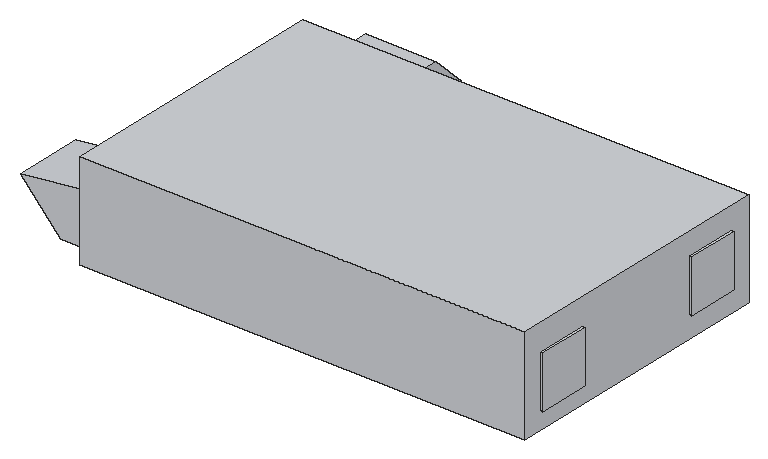
Revit family "Multi N DV1500N.", category Generic Models, Revit 2013
Parameters
  Width mm = 2560 mm
  Warranty = "1 Year"
  Voltage Supply      Single Phase = "230v ac"
  Versatile positioning ,floor and ceiling susupended options = "Automatic 100%"
  Summer/Winter by-pass = "Automatic 100%"
  Summer By-pass = "Automatic 100%"
  Safety cut off switch Pressure sensors for filter monitoring = "Yes"
  Roof Top model = "Yes"
  Pre Heater = "option"
  Part number = "9041533"
  Model = "9041533"
  Meets Building regulations Pat L2A and L2B = "Yes"
  Max Air Volume  m3/hr = "2500"
  Lockable doors = "Yes"
  Interchangeable spigot connections = "Yes"
  Insulated Base Frame = "Yes"
  Humidity control (optional) = "Yes"
  Height mm = 555 mm
  Heat Recovery = "<95%"
  Heat Exchanger = "Cross Counterflow"
  Frequency = "50Hz"
  Filter maintenance reminder = "Yes"
  Electronic control panel with LCD display = "Yes"
  EC motor for fine speed control and low SFP = "Yes"
  Duct Connections = "4x300x300mm"
  Double skinned insulated casing avoids thermal bridging = "Yes"
  Depth mm = 2500 mm
  Control Standard = "BMS/Internet"
  Control Optional .. = "Temperature"
  Control Optional . = "Co2"
  Control Optional = "Humidity"
  Carbon dioxide control (optional) = "Yes"
  Balanced supply and extract air ventilation with heat recovery = "Yes"
  BREEAM applicable = "Yes"
  Anti frost protection = "option"
  Air Filters = "M5 and F16"
  After Heater = "option"
  10 speed digital control and BMS and Internet control = "Yes"
Reference planes
  plane 1 "Center (Front/Back)": y = 0
  plane 2: z = 0
  plane 3 "Center (Left/Right)": x = 0
  plane 4: z = -85.437
  plane 5: y = -802.5
  plane 6: z = 469.562
  plane 7: x = -1280
  plane 8: x = 1280
  plane 9: y = 802.5
  plane 10: y = -697.5
  plane 11: y = -397.5
  plane 12: y = 672.5
  plane 13: y = 372.5
  plane 14: y = -547.5
  plane 15: y = 522.5
  plane 16: x = -1665
  plane 17: y = -745
  plane 18: y = -345
  plane 19: y = -578
  plane 20: z = 169.563
  plane 21: z = 345
  plane 22: y = -522.5
  plane 23: y = -287.5
  plane 24: z = -30.437
  plane 25: z = 269.563
  plane 26: through (-1280, -1524, 269.563) normal (0.1161, 0, -0.9932)
  plane 27: x = -1434
  plane 28: through (-1665, -1524, 224.563) normal (0.7411, 0, 0.6714)
  plane 29: y = 982.5
  plane 30: z = 396.563
  plane 31: y = 1162.5
  plane 32: y = -345
  plane 33: y = -745
  plane 34: x = -1060
  plane 35: x = -660
  plane 36: z = 21.562
  plane 37: z = 216.563
  plane 38: through (0, 1162.5, 216.563) normal (0, 0.7071, 0.7071)
  plane 39: x = -906
Forms (mm)
  Extrusion 1, solid
    sketch origin (0, 0, 0) x (1, 0, 0) y (0, 1, 0)
      loop
        line (-1280, 802.5) -> (-1280, -800) -> (1280, -800) -> (1280, 802.5) -> (-1280, 802.5)
    from 469.563 to -85.437
  Extrusion 2, solid
    sketch origin (1280, 661.767, 15.024) x (0, -1, 0) y (0, 0, -1)
      loop
        line (289.267, -329.976) -> (289.267, -29.976) -> (-10.733, -29.976) -> (-10.733, -329.976) -> (289.267, -329.976)
    from 0 to 20
  Extrusion 3, solid
    sketch origin (1280, -408.233, -9.976) x (0, -1, 0) y (0, 0, -1)
      loop
        line (289.267, -329.976) -> (289.267, -29.976) -> (-10.733, -29.976) -> (-10.733, -329.976) -> (289.267, -329.976)
    from 0 to 20
  Extrusion 4, solid
    sketch origin (-1280, -734.229, -78.415) x (0, -1, 0) y (0, 0, 1)
      loop
        line (10.771, 347.977) -> (-389.229, 347.977) -> (-389.229, 47.977) -> (10.771, 47.977) -> (10.771, 347.977)
    from 0 to 385
  Extrusion 5, void
    sketch origin (-1128.358, -745, 1200) x (-1, 0, 0) y (0, 0, 1)
      loop
        line (151.642, -930.437) -> (536.642, -975.437) -> (536.642, -930.438) -> (151.642, -930.437)
    from 0 to 400
  Extrusion 6, void
    sketch origin (-1128.358, -745, 1200) x (-1, 0, 0) y (0, 0, 1)
      loop
        line (536.642, -975.437) -> (305.642, -1230.437) -> (536.642, -1230.437) -> (536.642, -975.437)
    from 0 to 400
  Extrusion 7, solid
    sketch origin (0, 0, 0) x (1, 0, 0) y (0, 1, 0)
      loop
        line (-1060, 1162.5) -> (-1060, 802.5) -> (-660, 802.5) -> (-660, 1162.5) -> (-1060, 1162.5)
    from 21.563 to 396.563
  Extrusion 8, void
    sketch origin (-1060, 1088.592, 1200) x (0, -1, 0) y (0, 0, 1)
      loop
        line (106.092, -803.437) -> (-73.908, -803.437) -> (-73.908, -983.438) -> (106.092, -803.437)
    from 0 to -400
Cuts and joins
  Extrusion 5, Extrusion 6 cuts Extrusion 4
  Extrusion 8 cuts Extrusion 7
Dimensions and locks
  plane 4 to plane 6 = 555 mm  (x2)
  plane 7 to plane 3 "Center (Left/Right)" = 1280 mm
  plane 3 "Center (Left/Right)" to Extrusion 1 = 1280 mm
  plane 5 to plane 9 = 1605 mm
  plane 1 "Center (Front/Back)" to plane 9 = 802.5 mm
  plane 5 to plane 1 "Center (Front/Back)" = 802.5 mm
  plane 7 to plane 8 = 2560 mm
  plane 5 to plane 10 = 105 mm
  plane 10 to plane 11 = 300 mm
  plane 12 to plane 9 = 130 mm
  plane 13 to plane 12 = 300 mm
  plane 14 to plane 11 = 150 mm
  plane 10 to plane 14 = 150 mm
  plane 13 to plane 15 = 150 mm
  plane 9 to plane 12 = 130 mm
  plane 12 to plane 13 = 300 mm
  plane 10 to plane 5 = 105 mm
  plane 11 to plane 10 = 300 mm
  plane 17 to plane 19 = 167 mm
  plane 4 to plane 24 = 55 mm  (x2)
  plane 24 to plane 20 = 200 mm  (x2)
  plane 17 to Extrusion 1 = 55 mm
  plane 18 to plane 17 = 400 mm
  plane 9 to plane 29 = 180 mm
  plane 30 to plane 6 = 73 mm  (x2)
  Extrusion 1 to Extrusion 1 = 555 mm
  plane 16 to Extrusion 1 = 385 mm
  plane 33 to plane 32 = 400 mm
  Extrusion 1 to plane 31 = 360 mm  (x2)
  plane 7 to plane 34 = 220 mm
  plane 34 to plane 35 = 400 mm
  plane 29 to Extrusion 1 = 180 mm  (x2)
  Extrusion 7 to plane 36 = 375 mm
  Extrusion 7 to plane 37 = 180 mm
  aligned and locked: level to plane 2
Connectors
  hvac at (1300, 522.5, 195)
    settings: on Extrusion 2, index 1, duct flow 0.0 L/s, flow factor 0, pres drop 0.0 Pa, loss coef 0, conn angle 0.00°, conn width 300 mm, conn height 300 mm, conn radius 304.8 mm, duct sys type 1, conn prof type 1, flow config 0, flow direction 2, loss method 0, conn ref index -1, conn util no, is conn primary yes, conn desc ""
  hvac at (1300, -547.5, 170)
    settings: on Extrusion 3, index 2, duct flow 0.0 L/s, flow factor 0, pres drop 0.0 Pa, loss coef 0, conn angle 0.00°, conn width 300 mm, conn height 300 mm, conn radius 304.8 mm, duct sys type 2, conn prof type 1, flow config 0, flow direction 1, loss method 0, conn ref index -1, conn util no, is conn primary no, conn desc ""
  hvac at (-1549.5, -545, 97.063)
    settings: on cut or joined group of Extrusion 4, Extrusion 5, Extrusion 6, index 3, duct flow 0.0 L/s, flow factor 0, pres drop 0.0 Pa, loss coef 0, conn angle 0.00°, conn width 400 mm, conn height 345 mm, conn radius 304.8 mm, duct sys type 1, conn prof type 1, flow config 0, flow direction 0, loss method 0, conn ref index -1, conn util no, is conn primary no, conn desc ""
  hvac at (-860, 1162.5, 119.062)
    settings: on cut or joined group of Extrusion 7, Extrusion 8, index 4, duct flow 0.0 L/s, flow factor 0, pres drop 0.0 Pa, loss coef 0, conn angle 0.00°, conn width 400 mm, conn height 195 mm, conn radius 304.8 mm, duct sys type 2, conn prof type 1, flow config 0, flow direction 2, loss method 0, conn ref index -1, conn util no, is conn primary no, conn desc ""
